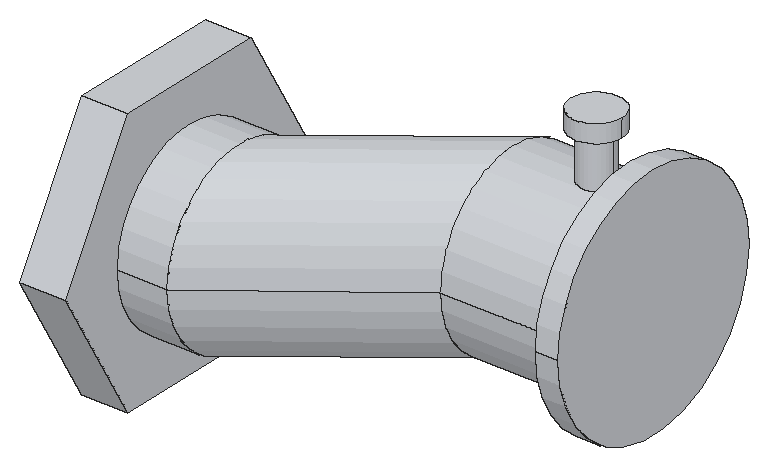
Revit family "M_Deslocamento do conduíte - Parafuso - Zinco fundido", category Conexões do conduite, Revit 2019
Family settings
  Cota do conector redondo = Usar raio
  Tipo de parte = Múltiplas portas
  Número OmniClass = 23.80.30.17.11
  Título OmniClass = Conduits
  ID de item do Seek = Conduit Offset - Set Screw - Die Cast Zinc-0000-CAN-ENU
  Com base no plano de trabalho = Não
  Sempre na vertical = Sim
  Corte com vazios quando carregada = Não
  Compartilhado = Não
Parameters (values of type "Padrão")
  Comprimento da rosca [instance] = 0.2 * Comprimento  # 10.16 mm
  Raio 2 [instance] = 0.75 * Comprimento 8  # 2.551 mm
  Raio 1 [instance] = 0.5 * Comprimento 8  # 1.701 mm
  Deslocamento [instance] = 13 mm
  Espessura da porca [instance] = Raio externo da conexão / 2  # 4.564 mm
  Comprimento 9 [instance] = Comprimento 7 * sin(30.00°)  # 7.739 mm
  Comprimento 8 [instance] = Diâmetro externo final / 7  # 3.402 mm
  Comprimento 10 [instance] = 0.15 * Raio externo final  # 1.786 mm
  Espessura final [instance] = Raio externo da conexão / 4  # 2.282 mm
  Raio externo final [instance] = Diâmetro externo final / 2  # 11.906 mm
  Diâmetro externo final [instance] = size_lookup(Pesquisa de tamanho de conduite, "EOD", 1.22 * Diâmetro nominal + 6.35 mm, Diâmetro nominal)  # 23.813 mm
  Raio nominal [instance] = 8 mm
  Diâmetro nominal [instance] = Raio nominal * 2  # 16 mm
  Comprimento 2 [instance] = 1524 mm + Deslocamento  # 1537 mm
  Comprimento 6 [instance] = Comprimento / 3  # 16.933 mm
  Comprimento 5 [instance] = 0.1 * Comprimento  # 5.08 mm
  Comprimento 4 [instance] = Comprimento 7 * cos(30.00°)  # 13.404 mm
  Comprimento 7 [instance] = 1.3 * Raio externo final  # 15.478 mm
  Comprimento 1 [instance] = Comprimento - Comprimento da rosca  # 40.64 mm
  Raio externo da conexão [instance] = Diâmetro externo da conexão / 2  # 9.128 mm
  Diâmetro externo da conexão [instance] = size_lookup(Pesquisa de tamanho de conduite, "FOD", 1.1 * Diâmetro nominal + 2.58 mm, Diâmetro nominal)  # 18.256 mm
  Comprimento [instance] = size_lookup(Pesquisa de tamanho de conduite, "Lgt", 2.25 * Diâmetro nominal + 25.896 mm, Diâmetro nominal)  # 50.8 mm
  Pesquisa de tamanho de conduite = "M_Conduit Offset - Set Screw - Die Cast Zinc"
Reference planes
  plane 1 "Centro (Frente/Trás)": y = 0
  plane 2: z = 0
  plane 3 "Centro (Esquerda/Direita)": x = 0
  plane 4: x = 4.564
  plane 5: x = 40.64
  plane 6: x = 9.644
  plane 7: x = 26.577
  plane 8: x = 38.358
  plane 9: y = -1524
  plane 10: y = 13
  plane 11: x = 34.956
  plane 12: z = -13.404
  plane 13: y = 15.478
  plane 14: y = -15.478
  plane 15: z = 13.404
  plane 16: y = 7.739
  plane 17: y = -7.739
  plane 18: z = 15.478
  plane 19: z = 13.692
Forms (mm)
  Sweep 1, solid, detail levels fine
    path in 3D
      loop
        line (38.358, 13, 0) -> (40.64, 13, 0)
    profile origin (39.499, 13, 0) x (0, 1, 0) y (0, 0, 1)
      loop
        circle (0, 0) r 11.906
  Sweep 2, solid, detail levels fine
    path in 3D
      loop
        line (26.577, 13, 0) -> (38.358, 13, 0)
    profile origin (32.468, 13, 0) x (0, 1, 0) y (0, 0, 1)
      loop
        circle (0, 0) r 9.128
  Sweep 3, solid, detail levels fine
    path in 3D
      loop
        line (4.564, 0, 0) -> (9.644, 0, 0)
    profile origin (7.104, 0, 0) x (0, 1, 0) y (0, 0, 1)
      loop
        circle (0, 0) r 9.128
  Blend 4, solid, detail levels fine
    base sketch origin (9.644, 25.891, 1219.2) x (0, 1, 0) y (0, 0, 1)
      loop
        circle (-25.891, -1219.2) r 9.128
    top sketch origin (9.644, 25.891, 1219.2) x (0, 1, 0) y (0, 0, 1)
      loop
        circle (-12.891, -1219.2) r 9.128
    from 0 to 16.933
  Extrusion 5, solid, detail levels fine
    sketch origin (9.644, 25.891, 1219.2) x (0, 1, 0) y (0, 0, 1)
      loop
        line (-33.631, -1205.796) -> (-41.37, -1219.2) -> (-33.631, -1232.604) -> (-18.152, -1232.604) -> (-10.413, -1219.2) -> (-18.152, -1205.796) -> (-33.631, -1205.796)
    from -9.644 to -5.08
  Sweep 6, solid, detail levels fine
    path in 3D
      loop
        line (0, 0, 0) -> (4.564, 0, 0)
    profile origin (2.282, 0, 0) x (0, 1, 0) y (0, 0, 1)
      loop
        circle (0, 0) r 8
  Extrusion 7, solid, detail levels fine
    sketch origin (0, 0, 0) x (1, 0, 0) y (0, 1, 0)
      loop
        circle (34.956, 13) r 2.551
    from 13.692 to 15.478
  Extrusion 8, solid, detail levels fine
    sketch origin (0, 0, 0) x (1, 0, 0) y (0, 1, 0)
      loop
        circle (34.956, 13) r 1.701
    from 0 to 13.692
Cuts and joins
  joined: Sweep 1, Sweep 2, Sweep 3, Blend 4, Extrusion 5, Sweep 6, Extrusion 7, Extrusion 8
Lines and regions (mm)
  model lines, detail levels coarse+medium
    curve 1: line (0, 0, 0) -> (4.564, 0, 0)
    curve 2: line (4.564, 0, 0) -> (9.644, 0, 0)
    curve 3: line (9.644, 0, 0) -> (26.577, 13, 0)
    curve 4: line (26.577, 13, 0) -> (38.358, 13, 0)
    curve 5: line (38.358, 13, 0) -> (40.64, 13, 0)
  sketch lines
    curve 6: line (38.358, 13, 0) -> (40.64, 13, 0)
    curve 7: line (26.577, 13, 0) -> (38.358, 13, 0)
    curve 8: line (4.564, 0, 0) -> (9.644, 0, 0)
    curve 9: line (0, 0, 0) -> (4.564, 0, 0)
Dimensions and locks
  "Comprimento 5": plane 4 to plane 6
  "Comprimento 6": plane 6 to plane 7
  locked: plane 1 "Centro (Frente/Trás)" to plane 9 at 1524
  "Espessura da porca": plane 3 "Centro (Esquerda/Direita)" to plane 4
  "Espessura final": plane 8 to plane 5
  "Comprimento 2": plane 10 to plane 9
  "Comprimento 1": plane 3 "Centro (Esquerda/Direita)" to plane 5
  "Comprimento 8": plane 11 to plane 8
  "Comprimento 4": plane 2 to plane 12
  "Comprimento 7": plane 1 "Centro (Frente/Trás)" to plane 14
  "Comprimento 7": plane 13 to plane 1 "Centro (Frente/Trás)"
  "Comprimento 4": plane 15 to plane 2
  "Comprimento 9": plane 1 "Centro (Frente/Trás)" to plane 17
  "Comprimento 9": plane 16 to plane 1 "Centro (Frente/Trás)"
  "Comprimento 7": plane 18 to plane 2
  "Comprimento 10": plane 18 to plane 19
  "Raio externo final": radius of Sweep 1 sketch curve
  "Raio externo da conexão": radius of Sweep 2 sketch curve
  "Raio externo da conexão": radius of Sweep 3 sketch curve
  "Raio externo da conexão": radius of Blend 4 sketch curve  (x2)
  "Raio nominal": radius of Sweep 6 sketch curve
  "Raio 2": radius of Extrusion 7 sketch curve
  "Raio 1": radius of Extrusion 8 sketch curve
  aligned and locked: plane 1 "Centro (Frente/Trás)" to curve 1
  aligned and locked: plane 1 "Centro (Frente/Trás)" to curve 2
  aligned and locked: plane 3 "Centro (Esquerda/Direita)" to curve 1
  aligned and locked: plane 4 to curve 2
  aligned and locked: plane 6 to curve 2
  aligned and locked: plane 7 to curve 4
  aligned and locked: plane 1 "Centro (Frente/Trás)" to curve 3
  aligned and locked: plane 10 to curve 4
  aligned and locked: plane 8 to curve 5
  aligned and locked: curve 5 to plane 10
  aligned and locked: plane 5 to curve 5
  aligned and locked: plane 10 to Sweep 1 sketch curve
  aligned and locked: plane 2 to Sweep 1 sketch curve
  aligned and locked: plane 10 to Sweep 2 sketch curve
  aligned and locked: plane 2 to Sweep 2 sketch curve
  aligned and locked: plane 1 "Centro (Frente/Trás)" to Sweep 3 sketch curve
  aligned and locked: plane 2 to Sweep 3 sketch curve
  aligned and locked: plane 2 to Blend 4 sketch curve  (x2)
  aligned and locked: plane 1 "Centro (Frente/Trás)" to Blend 4 sketch curve
  aligned and locked: plane 10 to Blend 4 sketch curve
  aligned and locked: plane 7 to Blend 4
  aligned and locked: plane 6 to Sweep 3
  aligned and locked: Blend 4 to plane 6
  aligned and locked: plane 4 to Sweep 3  (x2)
  aligned and locked: plane 8 to Sweep 1
  aligned and locked: Sweep 2 to plane 8
  aligned and locked: plane 5 to Sweep 1
  aligned and locked: Extrusion 5 to plane 3 "Centro (Esquerda/Direita)"
  aligned and locked: plane 4 to Extrusion 5
  aligned and locked: plane 17 to Extrusion 5 sketch curve  (x2)
  aligned and locked: plane 15 to Extrusion 5 sketch curve  (x2)
  aligned and locked: plane 14 to Extrusion 5 sketch curve
  aligned and locked: level to Extrusion 5 sketch curve
  aligned and locked: plane 12 to Extrusion 5 sketch curve
  aligned and locked: plane 16 to Extrusion 5 sketch curve  (x2)
  aligned and locked: Extrusion 5 sketch curve to Extrusion 5 sketch curve
  aligned and locked: plane 2 to Extrusion 5 sketch curve
  aligned and locked: plane 13 to Extrusion 5 sketch curve
  aligned and locked: plane 1 "Centro (Frente/Trás)" to Sweep 6 sketch curve
  aligned and locked: plane 2 to Sweep 6 sketch curve
  aligned and locked: plane 11 to Extrusion 7 sketch curve
  aligned and locked: plane 10 to Extrusion 7 sketch curve
  aligned and locked: Extrusion 7 to plane 19
  aligned and locked: plane 18 to Extrusion 7
  aligned and locked: plane 10 to Extrusion 8 sketch curve
  aligned and locked: plane 11 to Extrusion 8 sketch curve
  aligned and locked: plane 19 to Extrusion 8
  aligned and locked: Extrusion 8 to plane 2
Connectors
  cabletrayconduit at (0, 0, 0), diameter 16, driven by "Raio nominal"
    settings: on Sweep 6, index 1, connector width 304.8 mm, connector height 304.8 mm, connector angle 0.00°, system type 32, placement type 0, profile type 0, connector reference index 2, is primary connector yes, connector utility param no, connector description ""
  cabletrayconduit at (40.64, 13, 0), diameter 16, driven by "Raio nominal"
    settings: on cut or joined group of Sweep 1, Sweep 2, Sweep 3, Blend 4, Extrusion 5, Sweep 6, Extrusion 7, Extrusion 8, index 2, connector width 304.8 mm, connector height 304.8 mm, connector angle 0.00°, system type 32, placement type 0, profile type 0, connector reference index 1, is primary connector no, connector utility param no, connector description ""
